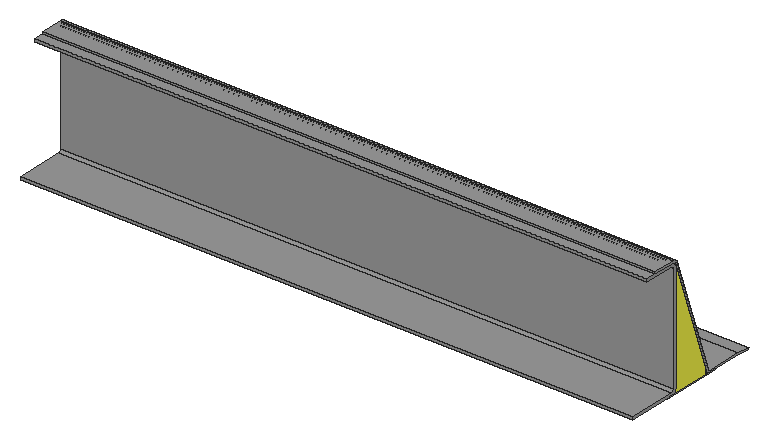
Revit family "XCFS K 90", category Generic Models, Revit 2014
Parameters (values of type "Max lintel length 4800mm")
  URL = "http://www.keystonelintels.co.uk"
  Structural Opening [instance] = 900 mm
  Structural Performance = "The Keystone lintel range has safe working loads as detailed in each applicable loading table in the Keystone Lintel Guide brochure. The structural performance figures within each table have been ascertained by testing in accordance with the requirements of standards BS EN 5977-2: 1983 and BS EN 845-2: 2003."
  RIBA Productor Selector = "available for Keystone Lintels Ltd from Keystone Lintels Ltd from ribaproductselector.com"
  Model = "XCFS/K 90"
  Min Length = 600 mm
  Min Clear Span = 300 mm
  Max Length = 4800 mm
  Max Clear Span = 4800 mm
  Material - Stainless Steel = "Grade 304 2b 1.4307 to BS EN 10088-2. Other grades available on request: contact manufacturer."
  Material - Galvanised Steel = "To BS EN 10346: 2009. DX51D plus Z600 or grade Z275 to BS 5977-2: 1983 (BS EN 845-2: 2003)."
  Manufacturer = "Keystone"
  Manufactured Length [instance] = (roundup(Effective Length / 150 mm) * 150 mm)  # 1200 mm
  Lintel height [instance] = 2100 mm
  Keynote = "F30/755"
  Fire Performance = "Keystone lintels have been subjected to a fire test (WARRES No. 101263) in accordance with BS 476-20: 1987, at Exova Warrington Fire and achieved a one hour fire performance."
  End Bearing = 150 mm
  Effective Length [instance] = Clear Opening with MIN MAX set + End Bearing * 2  # 1200 mm
  Corrosion = "Keystone’s standard range of lintels are manufactured from high quality grade pre-galvanized carbon steel with a zinc coating of 600"
  Contact Tel = "+44 (0)28 8676 2184"
  Contact Email = "info@keystonelintels.co.uk"
  Clear Opening with MIN MAX set [instance] = if(Structural Opening < Min Clear Span, Min Clear Span, (if(Structural Opening > Max Clear Span, Max Clear Span, Structural Opening)))  # 900 mm
  CPD Information = "Available for Keystone Lintels Ltd from ribacpd.com"
Reference planes
  plane 1 "Center (Front/Back)": y = 0
  plane 2: z = 0
  plane 3 "Center (Left/Right)": x = 0
  plane 4: x = -600
  plane 5: x = 600
  plane 6: z = 2100
  plane 7: x = -450
  plane 8: x = 450
Forms (mm)
  Extrusion 1, solid, material "Steel"
    sketch origin (0, 715.625, -493.091) x (0, 1, 0) y (0, 0, 1)
      loop
        line (-600.523, 2593.091) -> (-575.578, 2592.24) -> (-575.468, 2595.438) -> (-600.468, 2596.291) -> (-669.401, 2596.291)
        arc (-669.401, 2596.291) -> (-672.682, 2597.519) -> (-674.353, 2600.599) r 5
        line (-674.353, 2600.599) -> (-750.746, 2822.697)
        arc (-750.746, 2822.697) -> (-753.722, 2826.816) -> (-758.553, 2828.391) r 8.2
        line (-758.553, 2828.391) -> (-803.891, 2828.391) -> (-803.891, 2825.191) -> (-758.553, 2825.191)
        arc (-758.553, 2825.191) -> (-755.596, 2824.222) -> (-753.784, 2821.692) r 5
        line (-753.784, 2821.692) -> (-677.467, 2599.814)
        arc (-677.467, 2599.814) -> (-674.651, 2594.992) -> (-669.401, 2593.091) r 8.2
        line (-669.401, 2593.091) -> (-600.523, 2593.091)
    from -600 to 600
  Extrusion 2, solid, material "Steel"
    sketch origin (0, 715.625, -493.091) x (0, 1, 0) y (0, 0, 1)
      loop
        arc (-763.504, 2593.091) -> (-756.433, 2596.02) -> (-753.504, 2603.091) r 10
        line (-753.504, 2603.091) -> (-753.504, 2815.191)
        arc (-753.504, 2815.191) -> (-756.433, 2822.262) -> (-763.504, 2825.191) r 10
        line (-763.504, 2825.191) -> (-823.504, 2825.191) -> (-823.504, 2820.191) -> (-763.504, 2820.191)
        arc (-763.504, 2820.191) -> (-759.968, 2818.727) -> (-758.504, 2815.191) r 5
        line (-758.504, 2815.191) -> (-758.504, 2603.091)
        arc (-758.504, 2603.091) -> (-759.968, 2599.556) -> (-763.504, 2598.091) r 5
        line (-763.504, 2598.091) -> (-858.504, 2598.091) -> (-858.504, 2593.091) -> (-763.504, 2593.091)
    from -600 to 600
  Extrusion 3, solid, material "Steel"
    sketch origin (0, 715.625, -493.091) x (0, 1, 0) y (0, 0, 1)
      loop
        line (-657.004, 2592.091) -> (-657.004, 2593.091) -> (-679.004, 2593.091) -> (-679.004, 2601.091) -> (-680.004, 2601.091) -> (-680.004, 2593.091) -> (-772.004, 2593.091) -> (-772.004, 2592.091) -> (-657.004, 2592.091)
    from -600 to 600
  Extrusion 4, solid, material "Insulation"
    sketch origin (0, 715.625, -493.091) x (0, 1, 0) y (0, 0, 1)
      loop
        line (-763.504, 2593.091) -> (-680.004, 2593.091) -> (-680.004, 2601.091) -> (-679.004, 2601.091) -> (-679.004, 2593.091) -> (-669.401, 2593.091)
        arc (-669.401, 2593.091) -> (-674.651, 2594.992) -> (-677.467, 2599.814) r 8.2
        line (-677.467, 2599.814) -> (-753.784, 2821.692)
        arc (-753.784, 2821.692) -> (-755.596, 2824.222) -> (-758.553, 2825.191) r 5
        line (-758.553, 2825.191) -> (-763.504, 2825.191)
        arc (-763.504, 2825.191) -> (-756.433, 2822.262) -> (-753.504, 2815.191) r 10
        line (-753.504, 2815.191) -> (-753.504, 2603.091)
        arc (-753.504, 2603.091) -> (-756.433, 2596.02) -> (-763.504, 2593.091) r 10
    from -600 to 600
  Extrusion 5, solid, not visible
    sketch origin (0, 927.534, 1228.319) x (0, 1, 0) y (0, 0, 1)
      loop
        line (-600.523, 993.091) -> (-575.578, 992.24) -> (-575.468, 995.438) -> (-600.468, 996.291) -> (-669.401, 996.291)
        arc (-669.401, 996.291) -> (-672.682, 997.519) -> (-674.353, 1000.599) r 5
        line (-674.353, 1000.599) -> (-750.746, 1222.697)
        arc (-750.746, 1222.697) -> (-753.722, 1226.816) -> (-758.553, 1228.391) r 8.2
        line (-758.553, 1228.391) -> (-803.891, 1228.391) -> (-803.891, 1225.191) -> (-758.553, 1225.191)
        arc (-758.553, 1225.191) -> (-755.596, 1224.222) -> (-753.784, 1221.692) r 5
        line (-753.784, 1221.692) -> (-677.467, 999.814)
        arc (-677.467, 999.814) -> (-674.651, 994.992) -> (-669.401, 993.091) r 8.2
        line (-669.401, 993.091) -> (-600.523, 993.091)
    from 0 to 250
  Extrusion 6, solid, not visible
    sketch origin (0, 636.948, 1253.808) x (0, 1, 0) y (0, 0, 1)
      loop
        arc (-763.504, 993.091) -> (-756.433, 996.02) -> (-753.504, 1003.091) r 10
        line (-753.504, 1003.091) -> (-753.504, 1215.191)
        arc (-753.504, 1215.191) -> (-756.433, 1222.262) -> (-763.504, 1225.191) r 10
        line (-763.504, 1225.191) -> (-823.504, 1225.191) -> (-823.504, 1220.191) -> (-763.504, 1220.191)
        arc (-763.504, 1220.191) -> (-759.968, 1218.727) -> (-758.504, 1215.191) r 5
        line (-758.504, 1215.191) -> (-758.504, 1003.091)
        arc (-758.504, 1003.091) -> (-759.968, 999.556) -> (-763.504, 998.091) r 5
        line (-763.504, 998.091) -> (-858.504, 998.091) -> (-858.504, 993.091) -> (-763.504, 993.091)
    from 0 to 250
  Extrusion 7, solid, not visible
    sketch origin (0, 902.037, 1031.418) x (0, 1, 0) y (0, 0, 1)
      loop
        line (-657.004, 992.091) -> (-657.004, 993.091) -> (-679.004, 993.091) -> (-679.004, 1001.091) -> (-680.004, 1001.091) -> (-680.004, 993.091) -> (-772.004, 993.091) -> (-772.004, 992.091) -> (-657.004, 992.091)
    from 0 to 250
  Extrusion 8, solid, not visible
    sketch origin (0, 544.051, 823.298) x (0, 1, 0) y (0, 0, 1)
      loop
        line (-763.504, 993.091) -> (-680.004, 993.091) -> (-680.004, 1001.091) -> (-679.004, 1001.091) -> (-679.004, 993.091) -> (-669.401, 993.091)
        arc (-669.401, 993.091) -> (-674.651, 994.992) -> (-677.467, 999.814) r 8.2
        line (-677.467, 999.814) -> (-753.784, 1221.692)
        arc (-753.784, 1221.692) -> (-755.596, 1224.222) -> (-758.553, 1225.191) r 5
        line (-758.553, 1225.191) -> (-763.504, 1225.191)
        arc (-763.504, 1225.191) -> (-756.433, 1222.262) -> (-753.504, 1215.191) r 10
        line (-753.504, 1215.191) -> (-753.504, 1003.091)
        arc (-753.504, 1003.091) -> (-756.433, 996.02) -> (-763.504, 993.091) r 10
    from 0 to 250
Dimensions and locks
  equal spacing: plane 4, plane 3 "Center (Left/Right)", plane 5
  "Manufactured Length": plane 4 to plane 5
  "Lintel height": plane 6 to level
  "Structural Opening": plane 7 to plane 8
  equal spacing: plane 7, plane 3 "Center (Left/Right)", plane 8
  aligned and locked: level to plane 2
  aligned and locked: Extrusion 1 to plane 6
  aligned and locked: Extrusion 4 to plane 6
  aligned and locked: Extrusion 2 to plane 6
  aligned and locked: plane 6 to Extrusion 3
  aligned and locked: plane 5 to Extrusion 2
  aligned and locked: Extrusion 2 to plane 4
  aligned and locked: plane 5 to Extrusion 1
  aligned and locked: Extrusion 1 to plane 4
  aligned and locked: plane 5 to Extrusion 4
  aligned and locked: Extrusion 4 to plane 4
  aligned and locked: plane 5 to Extrusion 3
  aligned and locked: Extrusion 3 to plane 4
Automatic sketch dimensions
  Extrusion 1 sketch curve to Extrusion 1 sketch curve = 24.945 mm
  Extrusion 1 sketch curve to Extrusion 1 sketch curve = 0.109 mm
  Extrusion 1 sketch curve to Extrusion 1 sketch curve = 0.851 mm
  Extrusion 1 sketch curve to Extrusion 1 sketch curve = 0.055 mm
  Extrusion 1 sketch curve to Extrusion 1 sketch curve = 68.932 mm
  Extrusion 1 sketch curve to Extrusion 1 sketch curve = 0 mm  (x8)
  Extrusion 1 sketch curve to Extrusion 1 sketch curve = 5 mm
  Extrusion 1 sketch curve to Extrusion 1 sketch curve = 8.066 mm
  Extrusion 1 sketch curve to Extrusion 1 sketch curve = 3.114 mm
  Extrusion 1 sketch curve to Extrusion 1 sketch curve = 73.279 mm
  Extrusion 1 sketch curve to Extrusion 1 sketch curve = 222.883 mm
  Extrusion 1 sketch curve to Extrusion 1 sketch curve = 3.038 mm
  Extrusion 1 sketch curve to Extrusion 1 sketch curve = 1.006 mm
  Extrusion 1 sketch curve to Extrusion 1 sketch curve = 4.77 mm
  Extrusion 1 sketch curve to Extrusion 1 sketch curve = 1.5 mm
  Extrusion 1 sketch curve to Extrusion 1 sketch curve = 45.337 mm
  Extrusion 2 sketch curve to Extrusion 2 sketch curve = 95 mm
  Extrusion 2 sketch curve to Extrusion 2 sketch curve = 5 mm  (x3)
  Extrusion 2 sketch curve to Extrusion 2 sketch curve = 212.1 mm
  Extrusion 2 sketch curve to Extrusion 2 sketch curve = 0 mm  (x8)
  Extrusion 2 sketch curve to Extrusion 2 sketch curve = 60 mm
  Extrusion 3 sketch curve to Extrusion 3 sketch curve = 115 mm
  Extrusion 3 sketch curve to Extrusion 3 sketch curve = 1 mm  (x2)
  Extrusion 3 sketch curve to Extrusion 3 sketch curve = 22 mm
  Extrusion 3 sketch curve to Extrusion 3 sketch curve = 8 mm
  Extrusion 3 sketch curve to Extrusion 3 sketch curve = 0 mm
  Extrusion 4 sketch curve to Extrusion 4 sketch curve = 83.5 mm
  Extrusion 4 sketch curve to Extrusion 4 sketch curve = 8 mm
  Extrusion 4 sketch curve to Extrusion 4 sketch curve = 1 mm
  Extrusion 4 sketch curve to Extrusion 4 sketch curve = 0 mm  (x3)
  Extrusion 4 sketch curve to Extrusion 4 sketch curve = 9.603 mm  (x2)
  Extrusion 4 sketch curve to Extrusion 4 sketch curve = 8.2 mm
  Extrusion 4 sketch curve to Extrusion 4 sketch curve = 1.537 mm
  Extrusion 4 sketch curve to Extrusion 4 sketch curve = 9.72 mm
  Extrusion 4 sketch curve to Extrusion 4 sketch curve = 228.6 mm
  Extrusion 4 sketch curve to Extrusion 4 sketch curve = 10 mm  (x2)
  Extrusion 4 sketch curve to Extrusion 4 sketch curve = 6.5 mm
  Extrusion 4 sketch curve to Extrusion 4 sketch curve = 4.77 mm
  Extrusion 4 sketch curve to Extrusion 4 sketch curve = 1.5 mm
  Extrusion 4 sketch curve to Extrusion 4 sketch curve = 4.951 mm
  Extrusion 4 sketch curve to Extrusion 4 sketch curve = 1.277 mm
  Extrusion 5 sketch curve to Extrusion 5 sketch curve = 24.945 mm
  Extrusion 5 sketch curve to Extrusion 5 sketch curve = 0.109 mm
  Extrusion 5 sketch curve to Extrusion 5 sketch curve = 0.851 mm
  Extrusion 5 sketch curve to Extrusion 5 sketch curve = 0.055 mm
  Extrusion 5 sketch curve to Extrusion 5 sketch curve = 68.932 mm
  Extrusion 5 sketch curve to Extrusion 5 sketch curve = 0 mm  (x8)
  Extrusion 5 sketch curve to Extrusion 5 sketch curve = 5 mm
  Extrusion 5 sketch curve to Extrusion 5 sketch curve = 8.066 mm
  Extrusion 5 sketch curve to Extrusion 5 sketch curve = 3.114 mm
  Extrusion 5 sketch curve to Extrusion 5 sketch curve = 73.279 mm
  Extrusion 5 sketch curve to Extrusion 5 sketch curve = 222.883 mm
  Extrusion 5 sketch curve to Extrusion 5 sketch curve = 3.038 mm
  Extrusion 5 sketch curve to Extrusion 5 sketch curve = 1.006 mm
  Extrusion 5 sketch curve to Extrusion 5 sketch curve = 4.77 mm
  Extrusion 5 sketch curve to Extrusion 5 sketch curve = 1.5 mm
  Extrusion 5 sketch curve to Extrusion 5 sketch curve = 45.337 mm
  Extrusion 6 sketch curve to Extrusion 6 sketch curve = 95 mm
  Extrusion 6 sketch curve to Extrusion 6 sketch curve = 5 mm  (x3)
  Extrusion 6 sketch curve to Extrusion 6 sketch curve = 0 mm  (x8)
  Extrusion 6 sketch curve to Extrusion 6 sketch curve = 212.1 mm
  Extrusion 6 sketch curve to Extrusion 6 sketch curve = 60 mm
  Extrusion 7 sketch curve to Extrusion 7 sketch curve = 115 mm
  Extrusion 7 sketch curve to Extrusion 7 sketch curve = 1 mm  (x2)
  Extrusion 7 sketch curve to Extrusion 7 sketch curve = 22 mm
  Extrusion 7 sketch curve to Extrusion 7 sketch curve = 8 mm
  Extrusion 7 sketch curve to Extrusion 7 sketch curve = 0 mm
  Extrusion 8 sketch curve to Extrusion 8 sketch curve = 83.5 mm
  Extrusion 8 sketch curve to Extrusion 8 sketch curve = 8 mm
  Extrusion 8 sketch curve to Extrusion 8 sketch curve = 1 mm
  Extrusion 8 sketch curve to Extrusion 8 sketch curve = 0 mm  (x3)
  Extrusion 8 sketch curve to Extrusion 8 sketch curve = 9.603 mm  (x2)
  Extrusion 8 sketch curve to Extrusion 8 sketch curve = 8.2 mm
  Extrusion 8 sketch curve to Extrusion 8 sketch curve = 1.537 mm
  Extrusion 8 sketch curve to Extrusion 8 sketch curve = 9.72 mm
  Extrusion 8 sketch curve to Extrusion 8 sketch curve = 228.6 mm
  Extrusion 8 sketch curve to Extrusion 8 sketch curve = 10 mm  (x2)
  Extrusion 8 sketch curve to Extrusion 8 sketch curve = 6.5 mm
  Extrusion 8 sketch curve to Extrusion 8 sketch curve = 4.77 mm
  Extrusion 8 sketch curve to Extrusion 8 sketch curve = 1.5 mm
  Extrusion 8 sketch curve to Extrusion 8 sketch curve = 4.951 mm
  Extrusion 8 sketch curve to Extrusion 8 sketch curve = 1.277 mm
  Extrusion 4 sketch curve to plane 6 = 0 mm
  plane 1 "Center (Front/Back)" to Extrusion 4 sketch curve = 47.879 mm
  Extrusion 2 sketch curve to plane 6 = 0 mm
  plane 1 "Center (Front/Back)" to Extrusion 2 sketch curve = 142.879 mm
  Extrusion 1 sketch curve to plane 6 = 0 mm
  plane 1 "Center (Front/Back)" to Extrusion 1 sketch curve = 88.265 mm
  Extrusion 3 sketch curve to plane 6 = 0 mm
  plane 1 "Center (Front/Back)" to Extrusion 3 sketch curve = 56.379 mm
